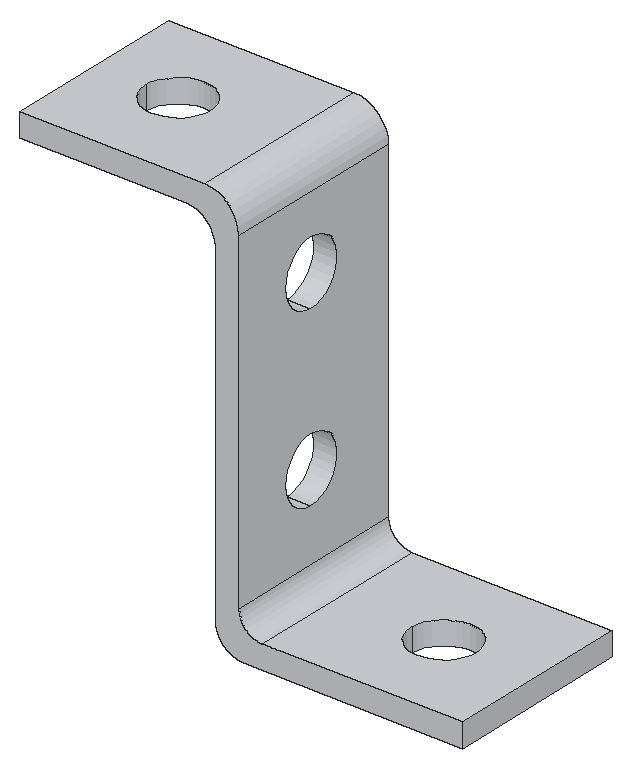
Revit family "MP26", category Generic Models, Revit 2017
Family settings
  Can host rebar = No
  Round Connector Dimension = Use Diameter
  Part Type = Normal
  Work Plane-Based = Yes
  Always vertical = No
  Cut with Voids When Loaded = No
  Shared = No
  Room Calculation Point = No
Parameters (values of type "NBS Standard Parameters")
  Weight = "0.288Kg"
  WarrantyStartDate [instance] = "1900-12-31T23:59:59"
  WarrantyGuarantorParts = "n/a"
  WarrantyGuarantorLabor = "n/a"
  WarrantyDurationUnit = "1 year"
  WarrantyDurationParts = "n/a"
  WarrantyDurationLabor = "n/a"
  WarrantyDescription = "n/a"
  Version = "1"
  Uniclass2 = "Pr_65_70_11_19"
  TagNumber [instance] = "n/a"
  SustainabilityPerformance = "n/a"
  Size = "82mm"
  Shape = "n/a"
  SerialNumber [instance] = "n/a"
  Revision = "n/a"
  ReplacementCost = "n/a"
  ProductInformation = "www.metpro.co.uk/pdf/mp26.pdf"
  NominalWidth = 40 mm
  NominalLength = 85 mm
  NominalHeight = 99 mm
  Name = ""
  NBSTypeID = ""
  NBSReference = "90-55-10/305"
  NBSOfficeMasterTag = ""
  NBSNote = ""
  NBSDescription = "Channel Cable Supports"
  NBSCertification = ""
  ModelReference = "MP26"
  ModelNumber = "n/a"
  Material = "Steel"
  ManufacturerURL = "www.metpro.co.uk"
  ManufacturerName = "Metpro Ltd"
  Keynote = "Compliant to LU standards 1-085"
  InstallationDate [instance] = "1900-12-31T23:59:59"
  IfcExportType = ""
  IfcExportAs = ""
  Grade = "n/a"
  Finish = "Hot Dipped Galvanised"
  Features = "n/a"
  ExpectedLife = "n/a"
  DurationUnit = "year"
  Description = "MP26 - 82mm Z Bracket"
  Default Elevation = 1219.2 mm
  Constituents = "n/a"
  Color = "n/a"
  CodePerformance = "n/a"
  Category = "n/a"
  BarCode [instance] = "n/a"
  BIMObjectName = "Metpro_metprolibrary_Channelcablesupports_Chanelbracket"
  Author = "Metpro Ltd"
  AssetType = ""
  AssetIdentifier [instance] = "n/a"
  AccessibilityPerformance = "n/a"
Reference planes
  plane 1 "Center (Front/Back)": y = 0
  plane 2: z = 0
  plane 3 "Center (Left/Right)": x = 0
Forms (mm)
  Extrusion 1, solid
    sketch origin (-40.609, 43.599, 64.5) x (1, 0, 0) y (0, 0, -1)
      loop
        line (-15, 5) -> (-15, 0) -> (24.67, 0)
        arc (24.67, 0) -> (29.853, 2.147) -> (32, 7.33) r 7.33
        line (32, 7.33) -> (32, 79)
        arc (32, 79) -> (33.464, 82.536) -> (37, 84) r 5
        line (37, 84) -> (80, 84) -> (80, 89) -> (33.052, 89)
        arc (33.052, 89) -> (28.743, 87.215) -> (26.959, 82.907) r 6.093
        line (26.959, 82.907) -> (26.959, 11.185)
        arc (26.959, 11.185) -> (25.147, 6.812) -> (20.774, 5) r 6.185
        line (20.774, 5) -> (-15, 5)
    from 0 to 40
  Extrusion 2, void
    sketch origin (4.391, 43.599, -24.5) x (-1, 0, 0) y (0, -1, 0)
      loop
        circle (42.213, -20.232) r 7
    from 84 to 89
  Extrusion 3, void
    sketch origin (-8.609, 43.599, 63.289) x (0, 0, -1) y (0, -1, 0)
      loop
        circle (21.688, -19.384) r 7
      loop
        circle (59.565, -19.384) r 7
    from 0 to 5
  Extrusion 4, void
    sketch origin (4.391, 43.599, -24.5) x (-1, 0, 0) y (0, -1, 0)
      loop
        circle (-15, -20) r 6.998
    from 0 to 5
Cuts and joins
  Extrusion 2, Extrusion 3, Extrusion 4 cuts Extrusion 1
Dimensions and locks
  aligned and locked: level to plane 2
